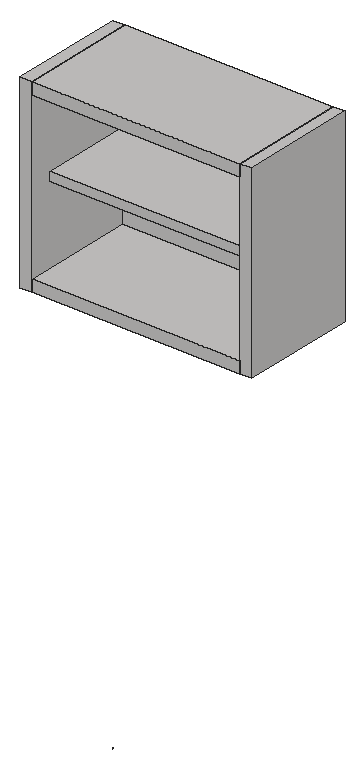
Revit family "QF_ELECTROLUXPROFESSIONAL_133255_PA800LCN", category Attrezzature speciali, Revit 2020
Family settings
  Quota connettore circolare = Usa diametro
  Tipo di parte = Normale
  Basato su piano di lavoro = No
  Sempre verticale = Sì
  Taglio con vuoti quando caricato = No
  Condiviso = No
  Punto di calcolo locali = No
Parameters (values of type "Standard")
  Weight = 17.00 kg
  Watts = 0 W
  Volts = 0 V
  URL Manufacturer = "https://www.electroluxprofessional.com/"
  URL = "https://www.electroluxprofessional.com/"
  Steam Supply Size = 0 mm
  Steam Supply Minimum Pressure = 0.0 Pa
  Steam Supply Maximum Pressure = 0.0 Pa
  Steam Consumption per Hour = 0
  Refrigeration Suction Line Size = 0.0 mm
  Refrigeration Liquid Line Size = 0.0 mm
  Refrigerant Compressor Remote = yes
  Prospetto di default = 0.0 mm
  Phase = 0
  Modello = "PA800LCN"
  Produttore = "Electrolux Professional"
  Length Actual = 800.0 mm  # constant formula
  Item Number = "133255"
  Hot Water Size = 0 mm
  Height Actual = 650.0 mm  # constant formula
  HP = "0 HP"
  Gas Size = 0 mm
  Gas KW = 0
  Gas Input Pressure = 0 W
  Direct Waste Size = 0 mm
  Descrizione = "OPEN WALL CUPBOARD 800 MM"
  Depth Actual = 400.0 mm  # constant formula
  Cycle = 0 Hz
  Condensate Return Size = 0 mm
  Compressed Air Volume = 0.0 L/s
  Compressed Air Size = 0 mm
  Compressed Air Pressure = 0.0 Pa
  Cold Water Size = 0 mm
  Accessory = yes
Reference planes
  plane 1 "Center (Front/Back)": y = 0
  plane 2: z = 0
  plane 3 "Center (Left/Right)": x = -300
  plane 4 "LEFT": x = -700
  plane 5 "RIGHT": x = 100
  plane 6 "BACK": y = 200
  plane 7 "FRONT": y = -200
  plane 8 "Base": z = 2250
  plane 9 "BASE": z = 1600
  plane 10: x = -660
  plane 11: x = 60
  plane 12: y = -197
  plane 13: y = 150
  plane 14: y = 190
  plane 15 "Ripiano": z = 1910
  plane 16: z = 1940
Forms (mm)
  Extrusion 1, solid, material "QF_Finishes_Stainless Steel"
    sketch origin (0, 0, 1600) x (-1, 0, 0) y (0, -1, 0)
      loop
        line (700, -200) -> (700, 200) -> (660, 200) -> (660, -200) -> (700, -200)
      loop
        line (-60, -200) -> (-60, 200) -> (-100, 200) -> (-100, -200) -> (-60, -200)
    from 0 to 650
  Extrusion 2, solid, material "QF_Finishes_Stainless Steel"
    sketch origin (0, 0, 1600) x (-1, 0, 0) y (0, -1, 0)
      loop
        line (660, -200) -> (660, 200) -> (-60, 200) -> (-60, -200) -> (660, -200)
    from 0 to 40
  Extrusion 3, solid, material "QF_Finishes_Stainless Steel"
    sketch origin (0, 0, 0) x (1, 0, 0) y (0, 1, 0)
      loop
        line (-660, -200) -> (60, -200) -> (60, 200) -> (-660, 200) -> (-660, -200)
    from 2210 to 2250
  Extrusion 4, solid, material "QF_Finishes_Stainless Steel"
    sketch origin (0, 0, 0) x (1, 0, 0) y (0, 1, 0)
      loop
        line (-700, 200) -> (-700, 199) -> (-699, 199) -> (-699, 200) -> (-700, 200)
    from 0 to 1
  Extrusion 5, solid, material "QF_Finishes_Stainless Steel"
    sketch origin (0, 0, 1910) x (-1, 0, 0) y (0, -1, 0)
      loop
        line (660, -190) -> (660, 124.1) -> (-60, 124.1) -> (-60, -190) -> (660, -190)
    from 0 to 30
  Extrusion 6, solid, material "QF_Finishes_Stainless Steel"
    sketch origin (0, 0, 1910) x (-1, 0, 0) y (0, -1, 0)
      loop
        line (660, -200) -> (660, -190) -> (-60, -190) -> (-60, -200) -> (660, -200)
    from -270 to 300
Lines and regions (mm)
  symbolic lines
    curve 1: line (100, 200, 0) -> (-700, -200, 0)
    curve 2: line (-700, 200, 0) -> (100, 200, 0)
    curve 3: line (-700, -200, 0) -> (-700, 200, 0)
    curve 4: line (100, -200, 0) -> (-700, -200, 0)
    curve 5: line (100, 200, 0) -> (100, -200, 0)
  symbolic lines, style "SpecialityEquipmentHiddenLines"
    curve 6: line (-660, -124.1, 1910) -> (60, -124.1, 1910)
    curve 7: line (60, -200, 1910) -> (60, 190, 1910)
    curve 8: line (60, 190, 1910) -> (-660, 190, 1910)
    curve 9: line (-660, 190, 1910) -> (-660, -200, 1910)
Dimensions and locks
  plane 4 "LEFT" to plane 5 "RIGHT" = 800.0 mm
  equal spacing: plane 4 "LEFT", plane 3 "Center (Left/Right)", plane 5 "RIGHT"
  plane 6 "BACK" to plane 7 "FRONT" = 400.0 mm
  equal spacing: plane 6 "BACK", plane 1 "Center (Front/Back)", plane 7 "FRONT"
  plane 9 "BASE" to level = 1600.0 mm
  locked: plane 4 "LEFT" to plane 10 at 40
  locked: plane 11 to plane 5 "RIGHT" at 40
  plane 12 to plane 7 "FRONT" = 3.0 mm
  plane 6 "BACK" to plane 13 = 50.0 mm
  locked: plane 8 "Base" to plane 9 "BASE" at 650
  locked: plane 15 "Ripiano" to plane 9 "BASE" at 310
  locked: plane 16 to plane 15 "Ripiano" at 30
  aligned and locked: level to plane 2
  aligned and locked: plane 8 "Base" to Extrusion 1
  aligned and locked: plane 6 "BACK" to Extrusion 1 sketch curve
  aligned and locked: Extrusion 1 sketch curve to plane 6 "BACK"
  aligned and locked: plane 7 "FRONT" to Extrusion 1 sketch curve
  aligned and locked: Extrusion 1 sketch curve to plane 7 "FRONT"
  aligned and locked: plane 10 to Extrusion 1
  aligned and locked: Extrusion 1 to plane 11
  aligned and locked: Extrusion 2 to plane 10
  aligned and locked: plane 11 to Extrusion 2
  aligned and locked: plane 8 "Base" to Extrusion 3
  aligned and locked: Extrusion 3 to plane 7 "FRONT"
  aligned and locked: Extrusion 2 to plane 7 "FRONT"
Automatic sketch dimensions
  Extrusion 1 sketch curve to plane 5 "RIGHT" = 0.0 mm
  Extrusion 1 sketch curve to plane 11 = 0.0 mm
  Extrusion 1 sketch curve to plane 10 = 0.0 mm
  Extrusion 1 sketch curve to plane 4 "LEFT" = 0.0 mm
  Extrusion 2 sketch curve to plane 11 = 0.0 mm
  Extrusion 2 sketch curve to plane 10 = 0.0 mm
  Extrusion 2 sketch curve to plane 13 = 50.0 mm
  Extrusion 2 sketch curve to plane 12 = 3.0 mm
  Extrusion 3 sketch curve to plane 10 = 0.0 mm
  Extrusion 3 sketch curve to plane 11 = 0.0 mm
  Extrusion 3 sketch curve to plane 12 = 3.0 mm
  Extrusion 3 sketch curve to plane 14 = 10.0 mm
  Extrusion 4 sketch curve to plane 6 "BACK" = 0.0 mm
  Extrusion 4 sketch curve to plane 4 "LEFT" = 0.0 mm
  plane 4 "LEFT" to Extrusion 4 sketch curve = 1.0 mm
  Extrusion 4 sketch curve to plane 6 "BACK" = 1.0 mm
  curve 4 to plane 4 "LEFT" = 0.0 mm
  curve 5 to plane 5 "RIGHT" = 0.0 mm
  Extrusion 5 sketch curve to plane 11 = 0.0 mm
  Extrusion 5 sketch curve to plane 10 = 0.0 mm
  plane 14 to Extrusion 5 sketch curve = 0.0 mm
  plane 12 to Extrusion 5 sketch curve = 72.9 mm
  Extrusion 6 sketch curve to plane 6 "BACK" = 0.0 mm
  Extrusion 6 sketch curve to plane 11 = 0.0 mm
  Extrusion 6 sketch curve to plane 10 = 0.0 mm
  plane 14 to Extrusion 6 sketch curve = 0.0 mm
  curve 1 to plane 7 "FRONT" = 0.0 mm
  curve 3 to plane 6 "BACK" = 0.0 mm
  curve 6 to plane 11 = 0.0 mm
  curve 6 to plane 10 = 0.0 mm
  plane 14 to curve 9 = 0.0 mm
  curve 9 to plane 7 "FRONT" = 0.0 mm
  curve 7 to plane 7 "FRONT" = 0.0 mm
  plane 12 to curve 6 = 72.9 mm
